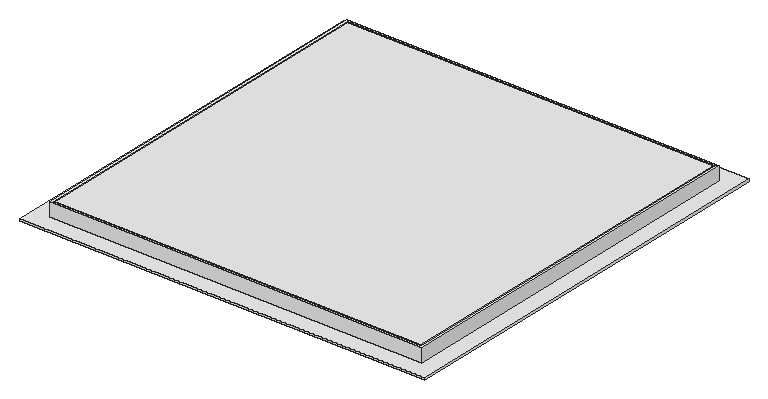
Revit family "Floor_Door-Best-Access-Doors-Flush_Diamond_Plate-BA_RFD_Series", category Specialty Equipment, host Face, Revit 2017
Family settings
  Host = Face
  Round Connector Dimension = Use Diameter
  Part Type = Normal
  OmniClass Number = 23.40.00.00
  Cut with Voids When Loaded = Yes
  Shared = Yes
  Room Calculation Point = No
Parameters (values of type "BA-RFD 24x24")
  Width = 24"
  URL = "https://www.bestaccessdoors.com/"
  Product data url = "https://bimobject.com/best-access-doors/product/removable-diamond-plated-floor-hatch-access-door"
  Product URL = ""
  Product Documentation Link = ""
  Model = "BA-RFD 24x24"
  Material = "Aluminum-Best Access Doors-Mill Finish"  # constant formula
  Manufacturer = "Best Access Doors"  # constant formula
  Length = 1"  # constant formula
  Installation Type = "Floor"
  Height = 24"
  Finish = Aluminum-Best Access Doors-Mill Finish
  Description = "Non Hinged, Flush Diamond Plate Floor Door"
  Default Elevation = 0"
  Assembly Code = "C1020700"
Types (4): name | Width | Model | Height
  BA-RFD 8x8 | 8" | "BA-RFD 8x8" | 8"
  BA-RFD 12x12 | 12" | "BA-RFD 12x12" | 12"
  BA-RFD 18x18 | 18" | "BA-RFD 18x18" | 18"
  BA-RFD 24x24 | 24" | "BA-RFD 24x24" | 24"
Reference planes (in)
  plane 1 "Center (Front/Back)": y = 0
  plane 2: z = 0
  plane 3 "Center (Left/Right)": x = 0
  plane 4: x = 13.0625
  plane 5: x = -13.0625
  plane 6: y = -12
  plane 7: y = 12
  plane 8: z = -1
  plane 9: x = 12
  plane 10: x = -12
  plane 11: y = 13.0625
  plane 12: y = -13.0625
Forms (in)
  Sweep 1, solid, material "Aluminum-Best Access Doors-Mill Finish" <- "Finish"
    path origin (0, 0, 0) x (1, 0, 0) y (0, 1, 0)
      loop
        line (-12, 12) -> (-12, -12) -> (12, -12) -> (12, 12) -> (-12, 12)
    profile origin (0, 12, 0) x (0, 1, 0) y (0, 0, 1)
      loop
        line (-0.13465, 0) -> (-0.13465, -0.87672) -> (-0.19222, -0.87672) -> (-0.19222, 0) -> (-0.44222, 0) -> (-0.44222, -1) -> (1.0625, -1) -> (1.0625, -0.87672) -> (0, -0.87672) -> (0, 0) -> (-0.13465, 0)
  Extrusion 2, void
    sketch origin (0, 0, 0) x (1, 0, 0) y (0, 1, 0)
      loop
        line (-12, 12) -> (-12, -12) -> (12, -12) -> (12, 12) -> (-12, 12)
    from -1 to 0
  Extrusion 3, solid, material "Aluminum-Best Access Doors-Mill Finish" <- "Finish"
    sketch origin (-11.55778, 11.55778, 0) x (1, 0, 0) y (0, 1, 0)
      loop
        line (23.11556, 0) -> (0, 0) -> (0, -23.11556) -> (23.11556, -23.11556) -> (23.11556, 0)
    from -1 to 0
Cuts and joins
  joined: Sweep 1, Extrusion 3
Lines and regions (in)
  Masking region 1
    outline origin (-11.55778, 11.55778, 0) x (1, 0, 0) y (0, 1, 0)
      loop
        line (-1.50472, 1.50472) -> (-1.50472, -24.62028) -> (24.62028, -24.62028) -> (24.62028, 1.50472) -> (-1.50472, 1.50472)
  model lines
    curve 1: circle (-11.55778, 11.55778, 0) r 0.05374 normal (0, 0, 1)
    curve 2: circle (11.55778, 11.55778, 0) r 0.05374 normal (0, 0, -1)
    curve 3: circle (-11.55778, -11.55778, 0) r 0.05374 normal (0, 0, -1)
    curve 4: circle (11.55778, -11.55778, 0) r 0.05374 normal (0, 0, 1)
  symbolic lines, detail levels medium+fine
    curve 5: line (-12, 12, 0) -> (12, 12, 0)
    curve 6: line (-12, -12, 0) -> (-12, 12, 0)
    curve 7: line (12, -12, 0) -> (-12, -12, 0)
    curve 8: line (12, 12, 0) -> (12, -12, 0)
    curve 9: line (-11.86535, 11.86535, 0) -> (11.86535, 11.86535, 0)
    curve 10: line (-11.86535, -11.86535, 0) -> (-11.86535, 11.86535, 0)
    curve 11: line (11.86535, -11.86535, 0) -> (-11.86535, -11.86535, 0)
    curve 12: line (11.86535, 11.86535, 0) -> (11.86535, -11.86535, 0)
    curve 13: line (-11.80778, 11.80778, 0) -> (11.80778, 11.80778, 0)
    curve 14: line (-11.80778, -11.80778, 0) -> (-11.80778, 11.80778, 0)
    curve 15: line (11.80778, -11.80778, 0) -> (-11.80778, -11.80778, 0)
    curve 16: line (11.80778, 11.80778, 0) -> (11.80778, -11.80778, 0)
    curve 17: circle (-11.55778, 11.55778, 0) r 0.05374 normal (0, 0, 1)
    curve 18: circle (11.55778, 11.55778, 0) r 0.05374 normal (0, 0, 1)
    curve 19: circle (11.55778, -11.55778, 0) r 0.05374 normal (0, 0, 1)
    curve 20: circle (-11.55778, -11.55778, 0) r 0.05374 normal (0, 0, 1)
Dimensions and locks (in)
  "Length": plane 8 to level
  equal spacing: plane 10, plane 3 "Center (Left/Right)", plane 9
  "Width": plane 10 to plane 9
  equal spacing: plane 7, plane 1 "Center (Front/Back)", plane 6
  "Height": plane 7 to plane 6
  locked: plane 12 to plane 6 at 1.0625
  locked: plane 11 to plane 7 at 1.0625
  locked: plane 5 to plane 10 at 1.0625
  locked: plane 9 to plane 4 at 1.0625
  locked: Sweep 1 sketch curve to Sweep 1 sketch curve at 0.05757
  locked: plane 7 to Sweep 1 sketch curve at 0.13465
  locked: level to Sweep 1 sketch curve at 0.87672
  locked: plane 7 to curve 1 at 0.44222
  locked: plane 10 to curve 1 at 0.44222
  locked: plane 6 to curve 3 at 0.44222
  locked: plane 10 to curve 3 at 0.44222
  locked: curve 4 to plane 9 at 0.44222
  locked: plane 6 to curve 4 at 0.44222
  locked: plane 7 to curve 2 at 0.44222
  locked: curve 2 to plane 9 at 0.44222
  diameter of curve 1 = 0.10748"
  diameter of curve 3 = 0.10748"
  diameter of curve 4 = 0.10748"
  diameter of curve 2 = 0.10748"
  aligned and locked: plane 2 to host face
  aligned and locked: level to host face
  aligned and locked: Sweep 1 sketch curve to plane 7
  aligned and locked: Sweep 1 sketch curve to plane 10
  aligned and locked: Sweep 1 sketch curve to plane 6
  aligned and locked: Sweep 1 sketch curve to plane 9
  aligned and locked: plane 8 to Sweep 1 sketch curve
  aligned and locked: level to Sweep 1 sketch curve  (x2)
  aligned and locked: plane 7 to Sweep 1 sketch curve
  aligned and locked: Sweep 1 sketch curve to Sweep 1 sketch curve
  aligned and locked: plane 11 to Sweep 1 sketch curve
  aligned and locked: Extrusion 2 sketch curve to Sweep 1  (x4)
  aligned and locked: plane 8 to Extrusion 2
  aligned and locked: level to Extrusion 2
  aligned and locked: Extrusion 3 sketch curve to Sweep 1  (x3)
  aligned and locked: Sweep 1 to Extrusion 3  (x2)
  aligned and locked: Extrusion 3 to Sweep 1
  aligned and locked: Masking region 1 sketch curve to cut or joined group of Sweep 1, Extrusion 3  (x4)
  aligned and locked: curve 5 to cut or joined group of Sweep 1, Extrusion 3
  aligned and locked: curve 6 to cut or joined group of Sweep 1, Extrusion 3
  aligned and locked: curve 7 to cut or joined group of Sweep 1, Extrusion 3
  aligned and locked: curve 8 to cut or joined group of Sweep 1, Extrusion 3
  aligned and locked: curve 9 to cut or joined group of Sweep 1, Extrusion 3
  aligned and locked: curve 10 to cut or joined group of Sweep 1, Extrusion 3
  aligned and locked: curve 11 to cut or joined group of Sweep 1, Extrusion 3
  aligned and locked: curve 12 to cut or joined group of Sweep 1, Extrusion 3
  aligned and locked: curve 13 to cut or joined group of Sweep 1, Extrusion 3
  aligned and locked: curve 14 to cut or joined group of Sweep 1, Extrusion 3
  aligned and locked: curve 15 to cut or joined group of Sweep 1, Extrusion 3
  aligned and locked: curve 16 to cut or joined group of Sweep 1, Extrusion 3
  aligned and locked: curve 20 to curve 3
  aligned and locked: curve 17 to curve 1
  aligned and locked: curve 18 to curve 2
  aligned and locked: curve 19 to curve 4
Automatic sketch dimensions
  host sketch curve to host sketch curve = 96"  (x2)
  Extrusion 3 sketch curve to Sweep 1 = 0"
  Sweep 1 sketch curve to Sweep 1 sketch curve = 1/4"
